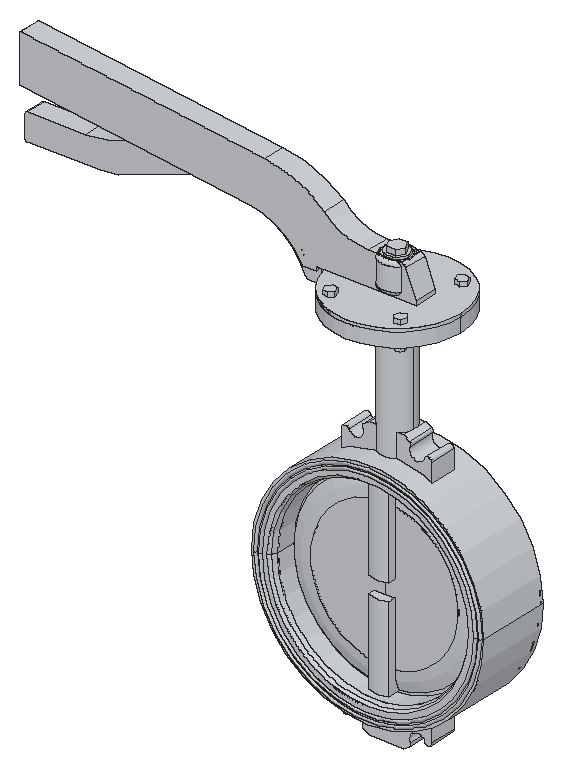
Revit family "R59WX010", category Plumbing Fixtures, Revit 2015
Reference planes
  plane 1 "Center (Front/Back)": y = 0
  plane 2: z = 0
  plane 3 "Center (Left/Right)": x = 0
  plane 4: z = 180
  plane 5: x = -260
  plane 6: z = 257
  plane 7: z = -100
  plane 8: z = -30
  plane 9: z = 210
  plane 10: y = -25.738
  plane 11: y = 25.762
Forms (mm)
  Extrusion 1, solid
    sketch origin (0, 0, 170) x (1, 0, 0) y (0, 1, 0)
      loop
        circle (0, 0) r 45
    from 0 to 10
  Extrusion 2, solid
    sketch origin (0, 0, -76.95) x (1, 0, 0) y (0, 1, 0)
      loop
        circle (0, 0) r 12
    from 148.302 to 246.95
  Revolve 3, solid
    sketch origin (0, 0, 0) x (0, 1, 0) y (0, 0, 1)
      loop
        line (11.11, 0) -> (-11.11, 0) -> (-11.11, -52.063)
        arc (-11.11, -52.063) -> (-10.279, -59.224) -> (-8, -66.063) r 35.039
        line (-8, -66.063) -> (-6, -66.063) -> (-6, -68.863) -> (6, -68.863) -> (6, -66.063) -> (8, -66.063)
        arc (8, -66.063) -> (10.279, -59.224) -> (11.11, -52.063) r 35.039
        line (11.11, -52.063) -> (11.11, 0)
      axis (11.11, 0) -> (-11.11, 0)
    angle from 0 to 360
  Blend 4, solid
    base sketch origin (0, 0, -4.163) x (1, 0, 0) y (0, 1, 0)
      loop
        line (-6.883, 16.4) -> (-6.883, -16.4)
        arc (-6.883, -16.4) -> (0, -18.078) -> (6.883, -16.4) r 14.953
        line (6.883, -16.4) -> (6.883, 16.4)
        arc (6.883, 16.4) -> (0, 18.078) -> (-6.883, 16.4) r 14.953
    top sketch origin (0, 0, 0) x (1, 0, 0) y (0, 1, 0)
      loop
        line (-6.883, 16.4) -> (-6.883, -16.4)
        arc (-6.883, -16.4) -> (0, -18.078) -> (6.883, -16.4) r 14.953
        line (6.883, -16.4) -> (6.883, 16.4)
        arc (6.883, 16.4) -> (0, 18.078) -> (-6.883, 16.4) r 14.953
    from 10.163 to 65.957
  Blend 5, solid
    base sketch origin (0, 0, -38.601) x (0, -1, 0) y (1, 0, 0)
      loop
        line (-16.4, -6.883) -> (16.4, -6.883)
        arc (16.4, -6.883) -> (18.078, 0) -> (16.4, 6.883) r 14.953
        line (16.4, 6.883) -> (-16.4, 6.883)
        arc (-16.4, 6.883) -> (-18.078, 0) -> (-16.4, -6.883) r 14.953
    top sketch origin (0, 0, -35.117) x (0, -1, 0) y (1, 0, 0)
      loop
        line (-16.4, -6.883) -> (16.4, -6.883)
        arc (16.4, -6.883) -> (18.078, 0) -> (16.4, 6.883) r 14.953
        line (16.4, 6.883) -> (-16.4, 6.883)
        arc (-16.4, 6.883) -> (-18.078, 0) -> (-16.4, -6.883) r 14.953
    from -27.451 to 29.117
  Extrusion 6, solid
    sketch origin (99.126, -27.447, 182) x (0, -1, 0) y (1, 0, 0)
      loop
        line (3.99, -123.113) -> (0.805, -120.344) -> (-3.184, -121.718) -> (-3.99, -125.86) -> (-0.805, -128.628) -> (3.184, -127.254) -> (3.99, -123.113)
    from 0 to 3
  Extrusion 7, solid
    sketch origin (99.126, -27.447, 162) x (0, -1, 0) y (1, 0, 0)
      loop
        circle (0, -124.486) r 3
    from 2.505 to 20
  Extrusion 8, solid
    sketch origin (99.126, -27.447, 169) x (0, -1, 0) y (1, 0, 0)
      loop
        line (3.99, -123.113) -> (0.805, -120.344) -> (-3.184, -121.718) -> (-3.99, -125.86) -> (-0.805, -128.628) -> (3.184, -127.254) -> (3.99, -123.113)
      loop
        line (-3.444, -125.672) -> (-0.695, -128.061) -> (2.749, -126.876) -> (3.444, -123.301) -> (0.695, -120.911) -> (-2.749, -122.097) -> (-3.444, -125.672)
    from -1.968 to 1
  Extrusion 9, solid, not visible
    sketch origin (26.117, -96.518, 104.233) x (0, -1, 0) y (1, 0, 0)
      loop
        line (3.99, -123.113) -> (0.805, -120.344) -> (-3.184, -121.718) -> (-3.99, -125.86) -> (-0.805, -128.628) -> (3.184, -127.254) -> (3.99, -123.113)
    from 0 to 3
  Extrusion 10, solid, not visible
    sketch origin (26.117, -96.518, 84.233) x (0, -1, 0) y (1, 0, 0)
      loop
        circle (0, -124.486) r 3
    from 2.505 to 20
  Extrusion 11, solid, not visible
    sketch origin (26.117, -96.518, 91.233) x (0, -1, 0) y (1, 0, 0)
      loop
        line (3.99, -123.113) -> (0.805, -120.344) -> (-3.184, -121.718) -> (-3.99, -125.86) -> (-0.805, -128.628) -> (3.184, -127.254) -> (3.99, -123.113)
      loop
        line (-3.444, -125.672) -> (-0.695, -128.061) -> (2.749, -126.876) -> (3.444, -123.301) -> (0.695, -120.911) -> (-2.749, -122.097) -> (-3.444, -125.672)
    from -1.968 to 1
  Extrusion 12, solid
    sketch origin (0, 0, 180) x (1, 0, 0) y (0, 1, 0)
      loop
        circle (0, 0) r 45
    from 0 to 2
  Extrusion 13, solid
    sketch origin (99.126, -27.447, 182) x (0, -1, 0) y (1, 0, 0)
      loop
        line (-58.884, -123.113) -> (-58.079, -127.254) -> (-54.09, -128.628) -> (-50.905, -125.86) -> (-51.71, -121.718) -> (-55.7, -120.344) -> (-58.884, -123.113)
    from 0 to 3
  Extrusion 14, solid
    sketch origin (99.126, -27.447, 162) x (0, -1, 0) y (1, 0, 0)
      loop
        circle (-54.895, -124.486) r 3
    from 2.505 to 20
  Extrusion 15, solid
    sketch origin (99.126, -27.447, 169) x (0, -1, 0) y (1, 0, 0)
      loop
        line (-58.884, -123.113) -> (-58.079, -127.254) -> (-54.09, -128.628) -> (-50.905, -125.86) -> (-51.71, -121.718) -> (-55.7, -120.344) -> (-58.884, -123.113)
      loop
        line (-51.451, -125.672) -> (-52.146, -122.097) -> (-55.59, -120.911) -> (-58.339, -123.301) -> (-57.644, -126.876) -> (-54.2, -128.061) -> (-51.451, -125.672)
    from -1.968 to 1
  Extrusion 16, solid
    sketch origin (-100.376, 27.447, 182) x (0, 1, 0) y (-1, 0, 0)
      loop
        line (-58.884, -123.113) -> (-58.079, -127.254) -> (-54.09, -128.628) -> (-50.905, -125.86) -> (-51.71, -121.718) -> (-55.7, -120.344) -> (-58.884, -123.113)
    from 0 to 3
  Extrusion 17, solid
    sketch origin (-100.376, 27.447, 162) x (0, 1, 0) y (-1, 0, 0)
      loop
        circle (-54.895, -124.486) r 3
    from 2.505 to 20
  Extrusion 18, solid
    sketch origin (-100.376, 27.447, 169) x (0, 1, 0) y (-1, 0, 0)
      loop
        line (-58.884, -123.113) -> (-58.079, -127.254) -> (-54.09, -128.628) -> (-50.905, -125.86) -> (-51.71, -121.718) -> (-55.7, -120.344) -> (-58.884, -123.113)
      loop
        line (-51.451, -125.672) -> (-52.146, -122.097) -> (-55.59, -120.911) -> (-58.339, -123.301) -> (-57.644, -126.876) -> (-54.2, -128.061) -> (-51.451, -125.672)
    from -1.968 to 1
  Extrusion 19, solid
    sketch origin (-100.376, 27.447, 182) x (0, 1, 0) y (-1, 0, 0)
      loop
        line (3.99, -123.113) -> (0.805, -120.344) -> (-3.184, -121.718) -> (-3.99, -125.86) -> (-0.805, -128.628) -> (3.184, -127.254) -> (3.99, -123.113)
    from 0 to 3
  Extrusion 20, solid
    sketch origin (-100.376, 27.447, 162) x (0, 1, 0) y (-1, 0, 0)
      loop
        circle (0, -124.486) r 3
    from 2.505 to 20
  Extrusion 21, solid
    sketch origin (-100.376, 27.447, 169) x (0, 1, 0) y (-1, 0, 0)
      loop
        line (3.99, -123.113) -> (0.805, -120.344) -> (-3.184, -121.718) -> (-3.99, -125.86) -> (-0.805, -128.628) -> (3.184, -127.254) -> (3.99, -123.113)
      loop
        line (-3.444, -125.672) -> (-0.695, -128.061) -> (2.749, -126.876) -> (3.444, -123.301) -> (0.695, -120.911) -> (-2.749, -122.097) -> (-3.444, -125.672)
    from -1.968 to 1
  Extrusion 22, solid
    sketch origin (125.063, -27.447, 207.144) x (0, -1, 0) y (1, 0, 0)
      loop
        line (-32.638, -122.069) -> (-32.638, -128.062) -> (-27.447, -131.059) -> (-22.257, -128.062) -> (-22.257, -122.069) -> (-27.447, -119.072) -> (-32.638, -122.069)
    from -1.014 to 2.856
  Extrusion 23, solid
    sketch origin (124.477, -54.895, 202.2) x (0, -1, 0) y (1, 0, 0)
      loop
        circle (-54.895, -124.486) r 8
    from -22.2 to 3.931
  Sweep 24, solid
    path origin (0, 0, 0) x (1, 0, 0) y (0, 0, 1)
      loop
        circle (0, 0) r 82
    profile origin (0, 0, -82) x (0, 0, 1) y (0, -1, 0)
      loop
        line (0, 25.762) -> (0, -25.762) -> (1.765, -25.762)
        arc (1.765, -25.762) -> (2.779, -26.776) -> (3.792, -25.762) r 1.014
        line (3.792, -25.762) -> (5.065, -25.762)
        arc (5.065, -25.762) -> (6.079, -26.776) -> (7.093, -25.762) r 1.014
        line (7.093, -25.762) -> (10.888, -25.762) -> (12.517, -23.42) -> (13.454, -19.923) -> (13.454, 19.923) -> (12.517, 23.42) -> (10.888, 25.762) -> (7.093, 25.762)
        arc (7.093, 25.762) -> (6.079, 26.776) -> (5.065, 25.762) r 1.014
        line (5.065, 25.762) -> (3.792, 25.762)
        arc (3.792, 25.762) -> (2.779, 26.776) -> (1.765, 25.762) r 1.014
        line (1.765, 25.762) -> (0, 25.762)
  Revolve 25, solid
    sketch origin (0, 0, 40) x (1, 0, 0) y (0, 0, 1)
      loop
        line (-9.486, 143.746) -> (0, 143.746) -> (0, 165) -> (-9.486, 165)
        arc (-9.486, 165) -> (-11.259, 164.265) -> (-11.994, 162.492) r 2.508
        line (-11.994, 162.492) -> (-11.994, 146.254)
        arc (-11.994, 146.254) -> (-11.259, 144.481) -> (-9.486, 143.746) r 2.508
      axis (0, 143.746) -> (0, 165)
    angle from 0 to 360
  Extrusion 26, solid
    sketch origin (0.429, 45.948, -100.564) x (1, 0, 0) y (0, 0, 1)
      loop
        arc (-14.408, 305.574) -> (-31.009, 309.172) -> (-44.632, 319.319) r 40.102
        arc (-44.632, 319.319) -> (-64.682, 331.561) -> (-87.387, 337.59) r 81.686
        line (-87.387, 337.59) -> (-259.322, 357.495)
        arc (-259.322, 357.495) -> (-259.796, 357.345) -> (-260, 356.891) r 0.608
        line (-260, 356.891) -> (-260, 323.702) -> (-98.154, 304.965)
        arc (-98.154, 304.965) -> (-76.145, 296.857) -> (-60.289, 279.573) r 49.8
        line (-60.289, 279.573) -> (-50.289, 279.573) -> (-50.289, 282.573) -> (19.968, 282.573) -> (19.968, 285.573) -> (12.303, 303.631)
        arc (12.303, 303.631) -> (11.17, 305.016) -> (9.47, 305.574) r 3.193
        line (9.47, 305.574) -> (-14.408, 305.574)
    from 37.966 to 54.11
  Extrusion 27, solid
    sketch origin (-37.354, 45.948, -175.078) x (1, 0, 0) y (0, 0, 1)
      loop
        arc (-22.093, 349.062) -> (-20.549, 347.09) -> (-18.159, 346.344) r 4.207
        line (-18.159, 346.344) -> (-9.636, 346.344) -> (-9.636, 357.087) -> (-17.519, 357.087)
        arc (-17.519, 357.087) -> (-19.393, 357.527) -> (-20.874, 358.756) r 4.207
        line (-20.874, 358.756) -> (-36.673, 388.468)
        arc (-36.673, 388.468) -> (-42.926, 395.877) -> (-51.675, 400.052) r 23.006
        line (-51.675, 400.052) -> (-121.464, 408.132)
        arc (-121.464, 408.132) -> (-146.554, 389.335) -> (-177.106, 382.301) r 75.785
        line (-177.106, 382.301) -> (-217.214, 382.301)
        arc (-217.214, 382.301) -> (-218.486, 381.806) -> (-219.141, 380.609) r 1.995
        line (-219.141, 380.609) -> (-219.141, 365.458)
        arc (-219.141, 365.458) -> (-218.486, 364.261) -> (-217.214, 363.766) r 1.995
        line (-217.214, 363.766) -> (-165.969, 363.766)
        arc (-165.969, 363.766) -> (-159.476, 364.161) -> (-153.041, 365.112) r 75.785
        line (-153.041, 365.112) -> (-102.034, 383.677) -> (-60.442, 378.862)
        arc (-60.442, 378.862) -> (-37.124, 369.314) -> (-22.17, 349.033) r 46.662
    from 38.356 to 53.486
  Extrusion 28, solid
    sketch origin (-2.361, 0.293, -19.468) x (1, 0, 0) y (0, 0, 1)
      loop
        arc (18.871, -78.038) -> (19.767, -76.756) -> (19.652, -75.205) r 2.274
        arc (19.652, -75.205) -> (22.463, -67.837) -> (29.701, -70.967) r 5.458
        arc (29.701, -70.967) -> (32.458, -72.724) -> (34.596, -70.251) r 2.5
        line (34.596, -70.251) -> (34.596, -47.891)
        arc (34.596, -47.891) -> (2.811, -61.693) -> (-28.974, -47.891) r 43.5
        line (-28.974, -47.891) -> (-28.974, -70.251)
        arc (-28.974, -70.251) -> (-26.836, -72.724) -> (-24.079, -70.967) r 2.5
        arc (-24.079, -70.967) -> (-16.841, -67.837) -> (-14.03, -75.205) r 5.458
        arc (-14.03, -75.205) -> (-14.145, -76.756) -> (-13.249, -78.037) r 2.274
        arc (-13.249, -78.037) -> (-11.147, -79.338) -> (-8.94, -80.453) r 28.535
        line (-8.94, -80.453) -> (14.565, -80.453)
        arc (14.565, -80.453) -> (16.77, -79.339) -> (18.871, -78.038) r 28.535
    from -9.388 to 9.974
  Extrusion 29, solid
    sketch origin (-2.361, 0.293, 23.678) x (1, 0, 0) y (0, 0, 1)
      loop
        arc (18.871, 71.788) -> (16.77, 73.089) -> (14.565, 74.203) r 28.535
        line (14.565, 74.203) -> (-8.94, 74.203)
        arc (-8.94, 74.203) -> (-11.147, 73.088) -> (-13.249, 71.787) r 28.535
        arc (-13.249, 71.787) -> (-14.145, 70.506) -> (-14.03, 68.955) r 2.274
        arc (-14.03, 68.955) -> (-16.841, 61.587) -> (-24.079, 64.717) r 5.458
        arc (-24.079, 64.717) -> (-26.836, 66.474) -> (-28.974, 64.001) r 2.5
        line (-28.974, 64.001) -> (-28.974, 47.247)
        arc (-28.974, 47.247) -> (2.778, 56.266) -> (34.596, 47.48) r 61.191
        line (34.596, 47.48) -> (34.596, 64.001)
        arc (34.596, 64.001) -> (32.458, 66.474) -> (29.701, 64.717) r 2.5
        arc (29.701, 64.717) -> (22.463, 61.587) -> (19.652, 68.955) r 5.458
        arc (19.652, 68.955) -> (19.767, 70.506) -> (18.871, 71.788) r 2.274
    from -9.388 to 9.974
Dimensions and locks
  plane 2 to plane 4 = 180 mm
  plane 3 "Center (Left/Right)" to plane 5 = 260 mm
  level to plane 6 = 257 mm
  plane 7 to level = 100 mm
  locked: plane 4 to plane 9 at 30
  plane 11 to plane 10 = 51.5 mm
  aligned and locked: level to plane 2
